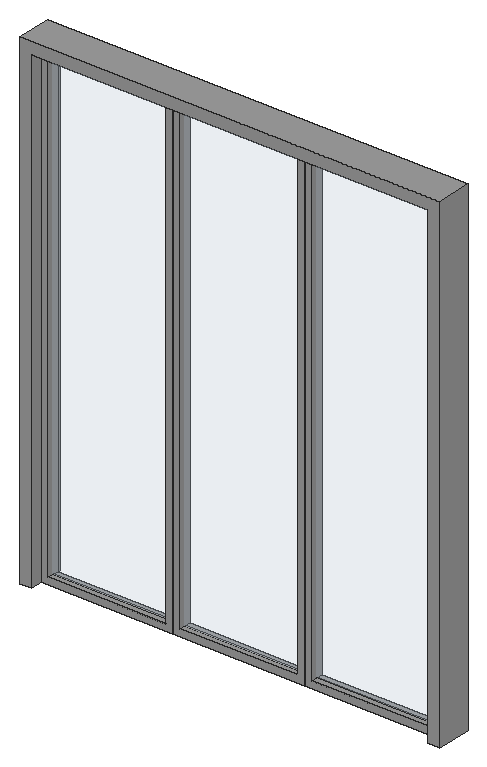
Revit family "AGRV_Door_GlassFoldingTriple_三玻璃摺疊門", category Doors, host Wall, Revit 2018
Family settings
  Host = Wall
  OmniClass Number = 23.30.10.00
  OmniClass Title = Doors
  Always vertical = Yes
  Cut with Voids When Loaded = No
  Shared = No
  Room Calculation Point = No
Parameters
  _DistributedBy_發布地址 = "AgileRevit.com"
  _CurrentRevision_目前版本 = "α"
  _CreatedBy_建模者 = "IAN"
  _AuthorizedBy_授權 = "AgileRevit"
  _Author_作者 = "AgileRevit"
  W1 = 30 mm
  Thickness = 50 mm
  THK = 50 mm
  NetWCos = NetWOneThird * cos(Angle)  # 283.333 mm
  NetWOneThird = NetW / 3  # 566.667 mm
  NetW = Width - THK * 2  # 1700 mm
  NetH = Height - THK  # 2050 mm
  Material_1 = Glass
  Material = Aluminum, Anodized Black
  GlassTHK = 6 mm
  Function = Interior
  Height = 2100 mm
  Wall Closure = By host
  Width = 1800 mm
  DoorOpened = no
  DoorClosed = not(DoorOpened)  # yes
  D1 = Thickness  # 50 mm
  Angle = 60.00°
Reference planes
  plane 1 "Center": y = 0
  plane 2 "Center (Left/Right)": x = 0
  plane 3 "Left": x = -900
  plane 4 "Right": x = 900
  plane 5 "TOP": z = 2100
  plane 6 "Exterior": y = 75
  plane 7 "Interior": y = -75
  plane 8: x = 850
  plane 9: x = -850
  plane 10: z = 2050
  plane 11: y = 25
  plane 12: y = -25
  plane 13: x = -283.333
  plane 14: x = 0
  plane 15: x = -566.667
Forms (mm)
  Sweep 1, solid, material "Aluminum, Anodized Black" <- "Material"
    path origin (0, 0, 0) x (1, 0, 0) y (0, 0, 1)
      loop
        line (900, 0) -> (900, 2100) -> (-900, 2100) -> (-900, 0)
    profile origin (900, 0, 1050) x (-1, 0, 0) y (0, -1, 0)
      loop
        line (0, -75) -> (50, -75) -> (50, 75) -> (0, 75) -> (0, -75)
Lines and regions (mm)
  Opening 1
    outline origin (-3050, -75, 0) x (1, 0, 0) y (0, 0, 1)
      loop
        line (2150, 0) -> (3950, 0) -> (3950, 2100) -> (2150, 2100) -> (2150, 0)
Text (mm)
  text "Exterior" at (-2295.016, 1099.543, 0), in view "Ref. Level"
  text "Exterior" at (0, 1615.38, 3698.081), in view "Left"
  text "Exterior" at (0, 1036.032, 3874.932), in view "Right"
  text "Frame\nMaterial : Aluminum, Anodized Black\n\nGlass\nMaterial_1 : Glass" at (2470.29, -1216.991, 3283.393), in view "GUIDE"
  text "材料設定參數 Material Parameters" at (2362.849, -1324.431, 3498.274), in view "GUIDE"
  text "AGRV_Door_GlassFoldingTriple_\n三玻璃摺疊門.rfa" at (1927.932, -1759.348, 4368.107), in view "GUIDE"
  text "門開關顯示參數 \nDoor Open/Close Parameters\nDoorClosed : Close\nDoorOpened : Open" at (3123.323, -563.958, 1977.327), in view "GUIDE"
  text "Panel Parameter Guide \nW1 : Frame Width\nD1 : Frame Thickness\nGlassTHK : Glass Thickness " at (2826.033, -861.247, 2571.906), in view "GUIDE"
Dimensions and locks
  equal spacing: plane 3 "Left", plane 2 "Center (Left/Right)", plane 4 "Right"
  "Width": plane 3 "Left" to plane 4 "Right"
  "Height": plane 5 "TOP" to host wall
  host wall to plane 10 = 2050 mm
  host wall to plane 5 "TOP" = 2100 mm
  locked: plane 6 "Exterior" to host wall at 0
  locked: plane 7 "Interior" to host wall
  "THK": plane 8 to plane 4 "Right"
  "THK": plane 3 "Left" to plane 9
  "THK": plane 10 to plane 5 "TOP"
  "Width": Sweep 1 to Sweep 1
  "THK": Sweep 1 to Sweep 1  (x3)
  "Height": Sweep 1 to Sweep 1
  "Thickness": plane 12 to plane 11
  equal spacing: plane 12, plane 1 "Center", plane 11
  "NetWCos": plane 9 to plane 15 to plane 13 to plane 14
  aligned and locked: plane 3 "Left" to Opening 1 sketch curve
  aligned and locked: plane 5 "TOP" to Opening 1 sketch curve  (x2)
  aligned and locked: Opening 1 sketch curve to plane 4 "Right"
  aligned and locked: Opening 1 sketch curve to level
  aligned and locked: plane 1 "Center" to host wall
  aligned and locked: Sweep 1 sketch curve to plane 3 "Left"
  aligned and locked: plane 4 "Right" to Sweep 1 sketch curve
  aligned and locked: plane 5 "TOP" to Sweep 1 sketch curve
  aligned and locked: level to Sweep 1 sketch curve  (x2)
  aligned and locked: plane 7 "Interior" to Sweep 1 sketch curve
  aligned and locked: Sweep 1 sketch curve to plane 8
  aligned and locked: plane 8 to nested 2
  aligned and locked: plane 11 to nested 3
  aligned and locked: nested 4 to plane 11
  aligned and locked: plane 9 to nested 3
  aligned and locked: Sweep 1 sketch curve to plane 6 "Exterior"
  aligned and locked: plane 13 to nested 4
  aligned and locked: plane 11 to nested 7
  aligned and locked: plane 13 to nested 7
  aligned and locked: nested 1 to plane 9
  aligned and locked: nested 9 to plane 13
  aligned and locked: plane 1 "Center" to nested 2
  aligned and locked: plane 1 "Center" to nested 9
  aligned and locked: plane 1 "Center" to nested 1
  aligned and locked: nested 5 to plane 9
  aligned and locked: nested 8 to nested 5
  aligned and locked: nested 8 to nested 6
  aligned and locked: plane 1 "Center" to nested 5
  aligned and locked: plane 1 "Center" to nested 6
  aligned and locked: plane 1 "Center" to nested 8
Automatic sketch dimensions
  profile plane to Sweep 1 sketch curve = 0 mm
Nested families
  nested 1: "AGRV_DOOR_PanelA_門片A" at (-283.333, 0, 0), visible <- "DoorClosed", type "Default"
    with Width 566.667 mm, W1 30 mm, Height 2050 mm
  nested 2: "AGRV_DOOR_PanelA_門片A" at (850, 0, 0), visible <- "DoorClosed", type "Default"
    with Width 566.667 mm, W1 30 mm, Height 2050 mm
  nested 3: "Door Folding-Single" at (-850, 25, 0), Swing Angle <- "Angle", type "Single"
    with W1 304.984 mm, Swing Visible yes, Swing Angle 60.00°, D1 490.748 mm, Actual Angle 60.00°, Width 566.667 mm, Thickness 50 mm
  nested 4: "Door Folding-Single" at (-283.333, 25, 0) x (-1, 0, 0) z (0, 0, 1), Swing Angle <- "Angle", type "Single"
    with W1 304.984 mm, Swing Visible yes, Swing Angle 60.00°, D1 490.748 mm, Actual Angle 60.00°, Width 566.667 mm, Thickness 50 mm
  nested 5: "AGRV_DOOR_PanelA_門片A" at (-825, 566.667, 0) x (0, 1, 0) z (0, 0, 1), visible <- "DoorOpened", type "Default"
    with Width 566.667 mm, W1 30 mm, Height 2050 mm
  nested 6: "AGRV_DOOR_PanelA_門片A" at (-725, 566.667, 0) x (0, 1, 0) z (0, 0, 1), visible <- "DoorOpened", type "Default"
    with Width 566.667 mm, W1 30 mm, Height 2050 mm
  nested 7: "Door Folding-Single" at (-333.333, 25, 0), Swing Angle <- "Angle", type "Single"
    with W1 304.984 mm, Swing Visible yes, Swing Angle 60.00°, D1 490.748 mm, Actual Angle 60.00°, Width 566.667 mm, Thickness 50 mm
  nested 8: "AGRV_DOOR_PanelA_門片A" at (-775, 566.667, 0) x (0, 1, 0) z (0, 0, 1), visible <- "DoorOpened", type "Default"
    with Width 566.667 mm, W1 30 mm, Height 2050 mm
  nested 9: "AGRV_DOOR_PanelA_門片A" at (283.333, 0, 0), visible <- "DoorClosed", type "Default"
    with Width 566.667 mm, W1 30 mm, Height 2050 mm
Definition of nested family "AGRV_DOOR_PanelA_門片A"
  Parameters (values of type "Default")
    _DistributedBy_發布地址 = "AgileRevit.com"
    _CurrentRevision_目前版本 = "α"
    _CreatedBy_建模者 = "IAN"
    _AuthorizedBy_授權 = "AgileRevit"
    _Author_作者 = "AgileRevit"
    Width = 900 mm
    W1 = 50 mm
    Thickness = 50 mm
    THKB = -THK / 2  # -3 mm
    THKA = THK / 2  # 3 mm
    THK = 6 mm
    Material_1 = none
    Material = none
    Height = 2100 mm
    D1 = 50 mm
    Assembly Code = ""
    Analytic Construction = "<None>"
  Reference planes
    plane 1 "Center (Front/Back)": y = 0
    plane 2: z = 0
    plane 3 "Center (Left/Right)": x = 0
    plane 4: x = -900
    plane 5: y = 25
    plane 6: y = -25
    plane 7: x = -450
  Forms (mm)
    Sweep 1, solid, material <- "Material"
      path origin (0, 0, 0) x (1, 0, 0) y (0, 0, 1)
        loop
          line (-900, 2100) -> (-900, 0) -> (0, 0) -> (0, 2100) -> (-900, 2100)
      profile origin (-450, 0, 2100) x (0, 0, 1) y (0, -1, 0)
        loop
          line (0, -25) -> (0, 25) -> (-50, 25) -> (-50, -25) -> (0, -25)
    Extrusion 2, solid, material <- "Material_1"
      sketch origin (0, 0, 0) x (1, 0, 0) y (0, 0, 1)
        loop
          line (-850, 2050) -> (-850, 50) -> (-50, 50) -> (-50, 2050) -> (-850, 2050)
      from -3 <- "THKB" to 3 <- "THKA"
  Text (mm)
    text "AGRV_DOOR_PanelA_門片A.rfa" at (-1129.766, -3355.741, 2358.72), in view "GUIDE"
    text "Frame\nMaterial : Aluminum, Anodized Black\n\nGlass\nMaterial_1 :  Glass" at (-764.392, -2990.367, 1627.972), in view "GUIDE"
    text "材料設定參數 Material Parameters" at (-871.832, -3097.807, 1842.853), in view "GUIDE"
  Dimensions and locks
    "Width": plane 4 to plane 3 "Center (Left/Right)"
    "Height": Sweep 1 sketch curve to level
    equal spacing: Sweep 1 sketch curve, profile plane, Sweep 1 sketch curve
    "D1": Sweep 1 sketch curve to Sweep 1 sketch curve
    "W1": Sweep 1 sketch curve to profile plane
    "THK": Extrusion 2 to Extrusion 2
    "Width": Sweep 1 to Sweep 1
    "Height": Sweep 1 to Sweep 1
    "W1": Sweep 1 to Sweep 1  (x4)
    "Thickness": plane 5 to plane 6
    equal spacing: plane 5, plane 1 "Center (Front/Back)", plane 6
    "D1": Sweep 1 to Sweep 1
    equal spacing: plane 4, plane 7, plane 3 "Center (Left/Right)"
    aligned and locked: Sweep 1 sketch curve to plane 4
    aligned and locked: Sweep 1 sketch curve to plane 3 "Center (Left/Right)"
    aligned and locked: plane 2 to Sweep 1 sketch curve
    aligned and locked: profile plane to Sweep 1 sketch curve
    aligned and locked: Extrusion 2 sketch curve to Sweep 1  (x4)
Definition of nested family "Door Folding-Single"
  Parameters (values of type "Single")
    Width = 366.667 mm
    W1 [instance] = Width * cos(Swing Angle) + Thickness * sin(Swing Angle) / 2  # 196.324 mm
    Thickness = 30 mm
    Swing Visible [instance] = and(180.00° > Swing Angle, Swing Angle > 1.00°)  # yes
    Swing Angle [instance] = 60.00°
    D1 [instance] = Width * sin(Swing Angle)  # 317.543 mm
    Assembly Code = ""
    Analytic Construction = "<None>"
    Actual Angle [instance] = if(or(Swing Angle < 1.00°, Swing Angle > 179.00°), 1.00°, Swing Angle)  # 60.00°
  Reference planes
    plane 1 "Center (Front/Back)": y = 0
    plane 2: z = 0
    plane 3 "Center (Left/Right)": x = 0
    plane 4: x = 196.324
    plane 5: y = 317.543
    plane 6: x = 30
    plane 7: x = 166.324
  Lines and regions (mm)
    model lines, visible <- "Swing Visible"
      curve 1: line (25.981, -15, 0) -> (209.314, 302.543, 0)
      curve 2: line (209.314, 302.543, 0) -> (183.333, 317.543, 0)
      curve 3: line (183.333, 317.543, 0) -> (0, 0, 0)
      curve 4: line (25.981, -15, 0) -> (0, 0, 0)
    reference lines
      curve 5: line (0, 0, 0) -> (400, 692.82, 0)
    model lines
      curve 6: line (-3.676, 317.543, 0) -> (196.324, 317.543, 0)
      curve 7: line (0, 0, 0) -> (0, 200, 0)
      curve 8: line (0, 0, 0) -> (200, 0, 0)
      curve 9: line (196.324, 117.543, 0) -> (196.324, 317.543, 0)
  Dimensions and locks
    "Thickness": curve 3 to curve 1
    "Width": curve 2 to curve 4
    "W1": plane 3 "Center (Left/Right)" to plane 4
    "D1": plane 1 "Center (Front/Back)" to plane 5
    locked: curve 6 to curve 6 at 200
    locked: curve 7 to curve 7 at 200
    locked: curve 8 to curve 8 at 200
    locked: curve 9 to curve 9 at 200
    "Thickness": plane 3 "Center (Left/Right)" to plane 6
    "Thickness": plane 7 to plane 4
    "Actual Angle": angle plane 1 "Center (Front/Back)" to curve 5
    aligned and locked: curve 3 to curve 5
    aligned and locked: plane 5 to curve 6
    aligned and locked: plane 4 to curve 9  (x2)
  Automatic sketch dimensions
    plane 1 "Center (Front/Back)" to curve 5 = 0 mm
    curve 5 to plane 3 "Center (Left/Right)" = 0 mm
